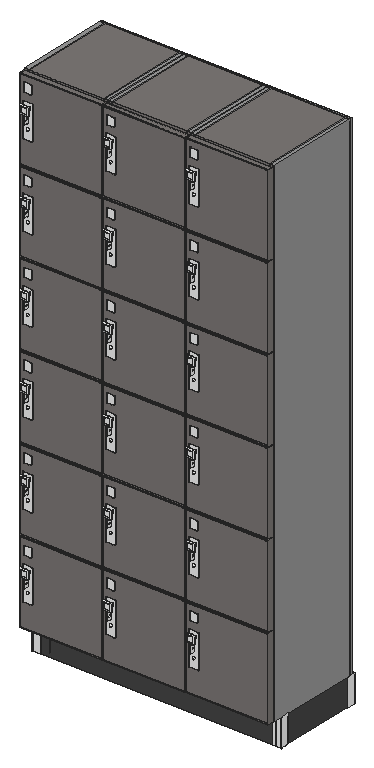
Revit family "Wood_Lockers_Hasps-Salsbury_Industries-46000_Series-3_Wide_Units.rfa", category Specialty Equipment, Revit 2016 (continued)
Definition of nested family "Wood Locker Sloping Corner Fillers"
  Dimensions and locks (in)
    aligned and locked: plane 12 "New Left Side" to cut or joined group of Extrusion 1, Extrusion 3, Extrusion 8
    aligned and locked: cut or joined group of Extrusion 1, Extrusion 3, Extrusion 8 to plane 13 "New Right Side"
    aligned and locked: cut or joined group of Extrusion 1, Extrusion 3, Extrusion 8 to plane 10 "New Back of Hood"  (x2)
    aligned and locked: plane 4 "Front of Hood" to cut or joined group of Extrusion 2, Extrusion 3
    aligned and locked: Extrusion 3 to cut or joined group of Extrusion 2, Extrusion 3
    aligned and locked: plane 13 "New Right Side" to cut or joined group of Extrusion 1, Extrusion 3, Extrusion 8
    aligned and locked: plane 5 "Right Side of Hood" to Extrusion 4
    aligned and locked: Extrusion 8 to Extrusion 1  (x2)
    aligned and locked: Extrusion 1 to Extrusion 8
    aligned and locked: cut or joined group of Extrusion 1, Extrusion 3, Extrusion 8 to Extrusion 6
    aligned and locked: plane 11 "New Front of Hood" to Extrusion 6
    aligned and locked: plane 12 "New Left Side" to Extrusion 6
    aligned and locked: plane 11 "New Front of Hood" to Extrusion 5
    aligned and locked: plane 12 "New Left Side" to Extrusion 5
    aligned and locked: cut or joined group of Extrusion 1, Extrusion 3, Extrusion 8 to Extrusion 5
  Automatic sketch dimensions
    Extrusion 1 sketch curve to level = 0.000"
    Extrusion 1 sketch curve to plane 7 "Black Trim Line" = 0.000"
    plane 8 to Extrusion 1 sketch curve = 0.000"
    Extrusion 1 sketch curve to plane 10 "New Back of Hood" = 0.000"
    Extrusion 1 sketch curve to Extrusion 1 sketch curve = 0.04881"
    Extrusion 1 sketch curve to Extrusion 1 sketch curve = 1.75996"
    plane 14 "Top" to Extrusion 1 sketch curve = 0.74863"
    plane 14 "Top" to Extrusion 1 sketch curve = 0.031"
    Extrusion 2 sketch curve to plane 4 "Front of Hood" = 0.000"
    plane 8 to Extrusion 2 sketch curve = 0.000"
    Extrusion 2 sketch curve to plane 10 "New Back of Hood" = 0.000"
    plane 14 "Top" to Extrusion 2 sketch curve = 0.000"
    Extrusion 2 sketch curve to plane 7 "Black Trim Line" = 0.04881"
    plane 14 "Top" to Extrusion 2 sketch curve = 0.031"
    plane 10 "New Back of Hood" to Extrusion 3 sketch curve = 0.000"
    plane 4 "Front of Hood" to Extrusion 3 sketch curve = 0.000"
    Extrusion 3 sketch curve to plane 12 "New Left Side" = 0.000"
    Extrusion 3 sketch curve to plane 5 "Right Side of Hood" = 0.000"
    Extrusion 4 sketch curve to level = 0.000"
    Extrusion 4 sketch curve to plane 7 "Black Trim Line" = 0.000"
    Extrusion 4 sketch curve to plane 4 "Front of Hood" = 0.000"
    plane 8 to Extrusion 4 sketch curve = 0.000"
    Extrusion 5 sketch curve to level = 0.000"
    Extrusion 5 sketch curve to plane 8 = 0.000"
    plane 14 "Top" to Extrusion 5 sketch curve = 0.031"
    Extrusion 5 sketch curve to plane 12 "New Left Side" = 0.000"
    plane 5 "Right Side of Hood" to Extrusion 5 sketch curve = 1.83977"
    plane 5 "Right Side of Hood" to Extrusion 5 sketch curve = 0.07981"
    Extrusion 5 sketch curve to Extrusion 5 sketch curve = 0.04881"
    Extrusion 5 sketch curve to Extrusion 5 sketch curve = 0.71763"
    plane 14 "Top" to Extrusion 6 sketch curve = 0.000"
    Extrusion 6 sketch curve to plane 8 = 0.000"
    Extrusion 6 sketch curve to plane 12 "New Left Side" = 0.000"
    plane 5 "Right Side of Hood" to Extrusion 6 sketch curve = 0.07981"
    Extrusion 6 sketch curve to Extrusion 6 sketch curve = 0.07981"
    plane 14 "Top" to Extrusion 6 sketch curve = 0.031"
    Extrusion 7 sketch curve to level = 0.000"
    plane 15 to Extrusion 7 sketch curve = 0.000"
    plane 5 "Right Side of Hood" to Extrusion 7 sketch curve = 0.000"
    Extrusion 7 sketch curve to plane 8 = 0.000"
    Extrusion 8 sketch curve to plane 10 "New Back of Hood" = 0.000"
    Extrusion 8 sketch curve to level = 0.000"
    Extrusion 8 sketch curve to plane 7 "Black Trim Line" = 1.80877"
    plane 14 "Top" to Extrusion 8 sketch curve = 0.74863"
Definition of nested family "Wood Locker Flat Corner Fillers"
  Parameters (values of type "44437 - for 15" D Lockers")
    Width = 16.875"
    Visible = yes
    Version = "1.0 (12/15/23)"
    Type Comments = "Flat Top Corner Filler for Premier Wood Lockers"
    Model = "44437"
    Manufacturer = "Salsbury Industries"
    Laminate Surface = none
    Height = 0.750"
    Description = "For 15\" D Lockers"
    Depth = 16.875"
  Types (6): name | Width | Visible | Version | Type Comments | Model | Manufacturer | Description | Depth
    (no name) | 16.875" | yes | "1.0 (12/15/23)" | "Flat Top Corner Filler for Premier Wood Lockers" | "44437" | "Salsbury Industries" | "For 15\" D Lockers" | 16.875"
    44437 - for 15" D Lockers | 16.875" | yes | "1.0 (12/15/23)" | "Flat Top Corner Filler for Premier Wood Lockers" | "44437" | "Salsbury Industries" | "For 15\" D Lockers" | 16.875"
    None | 15.000" | no | "" | "" | "" | "" | "" | 13.250"
    44438 - for 18" D Lockers | 19.875" | yes | "1.0 (12/15/23)" | "Flat Top Corner Filler for Premier Wood Lockers" | "44438" | "Salsbury Industries" | "For 18\" D Lockers" | 19.875"
    44431 - for 21" D Lockers | 22.875" | yes | "1.0 (12/15/23)" | "Flat Top Corner Filler for Premier Wood Lockers" | "44431" | "Salsbury Industries" | "For 21\" D Lockers" | 22.875"
    44439 - for 24" D Lockers | 25.875" | yes | "1.0 (12/15/23)" | "Flat Top Corner Filler for Premier Wood Lockers" | "44439" | "Salsbury Industries" | "For 24\" D Lockers" | 25.875"
  Reference planes (in)
    plane 1 "Center (Front/Back)": y = 0
    plane 2: z = 0
    plane 3 "Center (Left/Right)": x = 0
    plane 4 "Right Side": x = 8.4375
    plane 5 "Left Side": x = -8.4375
    plane 6 "Front Side": y = -8.4375
    plane 7 "Back Side": y = 8.4375
    plane 8 "Bottom": z = 0
    plane 9 "Top Side": z = 0.75
    plane 10 "Wood - Laminate Line": z = 0.719
    plane 11: x = -5.4375
    plane 12: y = -5.4375
  Forms (in)
    Extrusion 1, solid, visible <- "Visible"
      sketch origin (0, 0, 0) x (0, -1, 0) y (1, 0, 0)
        loop
          line (-8.4375, -8.4375) -> (5.4375, -8.4375) -> (5.4375, -5.4375) -> (8.4375, -5.4375) -> (8.4375, 8.4375) -> (-8.4375, 8.4375) -> (-8.4375, -8.4375)
      from 0 to 0.719
    Extrusion 2, solid, material <- "Laminate Surface", visible <- "Visible"
      sketch origin (0, 0, 0.75) x (1, 0, 0) y (0, 1, 0)
        loop
          line (-8.4375, -5.4375) -> (-5.4375, -5.4375) -> (-5.4375, -8.4375) -> (8.4375, -8.4375) -> (8.4375, 8.4375) -> (-8.4375, 8.4375) -> (-8.4375, -5.4375)
      from -0.031 to 0
  Dimensions and locks (in)
    equal spacing: plane 6 "Front Side", plane 1 "Center (Front/Back)", plane 7 "Back Side"
    equal spacing: plane 5 "Left Side", plane 3 "Center (Left/Right)", plane 4 "Right Side"
    "Width": plane 5 "Left Side" to plane 4 "Right Side"
    "Depth": plane 6 "Front Side" to plane 7 "Back Side"
    "Height": plane 9 "Top Side" to plane 8 "Bottom"
    locked: plane 9 "Top Side" to plane 10 "Wood - Laminate Line" at 0.031
    locked: plane 6 "Front Side" to plane 12 at 3
    locked: plane 5 "Left Side" to plane 11 at 3
    plane 12 to plane 7 "Back Side" = 13.875"
    aligned and locked: level to plane 2
  Automatic sketch dimensions
    Extrusion 2 sketch curve to plane 5 "Left Side" = 0.000"
    plane 6 "Front Side" to Extrusion 2 sketch curve = 0.000"
    Extrusion 2 sketch curve to plane 11 = 0.000"
    Extrusion 2 sketch curve to plane 4 "Right Side" = 0.000"
    Extrusion 2 sketch curve to plane 12 = 0.000"
    plane 7 "Back Side" to Extrusion 2 sketch curve = 0.000"
    Extrusion 1 sketch curve to plane 5 "Left Side" = 0.000"
    plane 7 "Back Side" to Extrusion 1 sketch curve = 0.000"
    Extrusion 1 sketch curve to plane 12 = 0.000"
    Extrusion 1 sketch curve to plane 4 "Right Side" = 0.000"
    plane 6 "Front Side" to Extrusion 1 sketch curve = 0.000"
    Extrusion 1 sketch curve to plane 11 = 0.000"
Definition of nested family "Wood Locker Side Panels-No Slope"
  Parameters (values of type "44330 - 6' H for 15"D Lockers")
    Width = 14.625"
    Visible = yes
    Version = "1.0 (12/15/23)"
    Type Comments = "Side Panel for Premier Wood Lockers without Sloping Hood"
    Model = "44330"
    Manufacturer = "Salsbury Industries"
    Laminate Surface = none
    Height = 72.000"
    Door Trim = none
    Description = "6' H for 15\" D Lockers"
    Depth = 0.750"
  Types (6): name | Width | Visible | Version | Type Comments | Model | Manufacturer | Description
    (no name) | 14.625" | yes | "1.0 (12/15/23)" | "Side Panel for Premier Wood Lockers without Sloping Hood" | "44330" | "Salsbury Industries" | "6' H for 15\" D Lockers"
    44330 - 6' H for 15"D Lockers | 14.625" | yes | "1.0 (12/15/23)" | "Side Panel for Premier Wood Lockers without Sloping Hood" | "44330" | "Salsbury Industries" | "6' H for 15\" D Lockers"
    44333 - 6' H for 18" D Lockers | 17.625" | yes | "1.0 (12/15/23)" | "Side Panel for Premier Wood Lockers withouth Sloping Hood" | "44333" | "Salsbury Industries" | "6' H for 18\" D Lockers"
    44335 - 6' H for 21" D Lockers | 20.625" | yes | "1.0 (12/15/23)" | "Side Panel for Premier Wood Lockers without Sloping Hood" | "44335" | "Salsbury Industries" | "6' H for 21\" D Lockers"
    None | 14.000" | no | "" | "" | "" | "" | ""
    44237 - 6' H for 24" D Lockers | 23.625" | yes | "1.0 (12/15/23)" | "Side Panel for Premier Wood Lockers without Sloping Hood" | "44237" | "Salsbury Industries" | "6' H for 21\" D Lockers"
  Reference planes (in)
    plane 1 "Center (Front/Back)": y = 0
    plane 2: z = 0
    plane 3 "Center (Left/Right)": x = 0
    plane 4 "Back": y = 0.375
    plane 5 "Front": y = -0.375
    plane 6 "Left Side": x = -7.3125
    plane 7 "Right Side": x = 7.3125
    plane 8 "Bottom": z = 0
    plane 9 "Top": z = 72
    plane 10 "Center Elevation": z = 36
    plane 11 "Wood - Laminate Edge": y = -0.344
    plane 12 "Right Side of Wood": x = 7.2815
    plane 13 "Left Side of Wood": x = -7.2815
    plane 14 "Top of Wood": z = 71.969
    plane 15 "Bottom of Wood": z = 0.031
  Forms (in)
    Extrusion 1, solid, visible <- "Visible"
      sketch origin (0, 0.375, 0) x (1, 0, 0) y (0, 0, 1)
        loop
          line (7.2815, 71.969) -> (-7.2815, 71.969) -> (-7.2815, 0.031) -> (7.2815, 0.031) -> (7.2815, 71.969)
      from 0 to 0.719
    Extrusion 2, solid, material <- "Laminate Surface", visible <- "Visible"
      sketch origin (0, -0.375, 0) x (1, 0, 0) y (0, 0, 1)
        loop
          line (-7.3125, 72) -> (-7.3125, 0) -> (7.3125, 0) -> (7.3125, 72) -> (-7.3125, 72)
      from -0.031 to 0
    Extrusion 3, solid, material <- "Laminate Surface", visible <- "Visible"
      sketch origin (0, 0, 0) x (1, 0, 0) y (0, 0, 1)
        loop
          line (-7.3125, 0) -> (7.3125, 0) -> (7.3125, 72) -> (-7.3125, 72) -> (-7.3125, 0)
        loop
          line (-7.2815, 0.031) -> (7.2815, 0.031) -> (7.2815, 71.969) -> (-7.2815, 71.969) -> (-7.2815, 0.031)
      from -0.375 to 0.344
  Dimensions and locks (in)
    equal spacing: plane 6 "Left Side", plane 3 "Center (Left/Right)", plane 7 "Right Side"
    plane 5 "Front" to plane 1 "Center (Front/Back)" to plane 4 "Back" = 0.375", 0.375"
    "Width": plane 6 "Left Side" to plane 7 "Right Side"
    "Depth": plane 5 "Front" to plane 4 "Back"
    equal spacing: plane 9 "Top", plane 10 "Center Elevation", plane 8 "Bottom"
    "Height": plane 9 "Top" to plane 8 "Bottom"
    locked: plane 5 "Front" to plane 11 "Wood - Laminate Edge" at 0.031
    locked: plane 15 "Bottom of Wood" to plane 8 "Bottom" at 0.031
    locked: plane 12 "Right Side of Wood" to plane 7 "Right Side" at 0.031
    locked: plane 6 "Left Side" to plane 13 "Left Side of Wood" at 0.031
    locked: plane 9 "Top" to plane 14 "Top of Wood" at 0.031
    aligned and locked: level to plane 2
    aligned and locked: Extrusion 2 sketch curve to plane 7 "Right Side"
    aligned and locked: plane 8 "Bottom" to Extrusion 2 sketch curve
    aligned and locked: plane 6 "Left Side" to Extrusion 2 sketch curve
    aligned and locked: plane 9 "Top" to Extrusion 2 sketch curve
    aligned and locked: Extrusion 3 to plane 4 "Back"
    aligned and locked: plane 11 "Wood - Laminate Edge" to Extrusion 3
  Automatic sketch dimensions
    plane 13 "Left Side of Wood" to Extrusion 1 sketch curve = 0.000"
    plane 12 "Right Side of Wood" to Extrusion 1 sketch curve = 0.000"
    Extrusion 1 sketch curve to plane 15 "Bottom of Wood" = 0.000"
    Extrusion 1 sketch curve to plane 14 "Top of Wood" = 0.000"
    plane 13 "Left Side of Wood" to Extrusion 3 sketch curve = 0.000"
    Extrusion 3 sketch curve to level = 0.000"
    plane 13 "Left Side of Wood" to Extrusion 3 sketch curve = 0.031"
    plane 12 "Right Side of Wood" to Extrusion 3 sketch curve = 0.000"
    plane 7 "Right Side" to Extrusion 3 sketch curve = 0.000"
    Extrusion 3 sketch curve to plane 15 "Bottom of Wood" = 0.000"
    Extrusion 3 sketch curve to plane 14 "Top of Wood" = 0.000"
    Extrusion 3 sketch curve to plane 9 "Top" = 0.000"
Definition of nested family "Wood Locker Side Panels-With Slope"
  Parameters (values of type "44334 - 6' H  for 18" D Lockers")
    Width = 17.625"
    Visible = yes
    Version = "1.0 (12/15/23)"
    Type Comments = "Side Panel for Premier Wood Lockers with Sloping Hood"
    Slope Height = 6.806"
    Model = "44334"
    Manufacturer = "Salsbury Industries"
    Laminate Surface = none
    Height = 72.062"
    Door Trim = none
    Description = "6' H for 18\" D Lockers"
    Depth = 0.750"
  Types (6): name | Width | Visible | Version | Type Comments | Slope Height | Model | Manufacturer | Height | Description
    (no name) | 17.625" | yes | "1.0 (12/15/23)" | "Side Panel for Premier Wood Lockers with Sloping Hood" | 6.806" | "44334" | "Salsbury Industries" | 72.062" | "6' H for 18\" D Lockers"
    44334 - 6' H  for 18" D Lockers | 17.625" | yes | "1.0 (12/15/23)" | "Side Panel for Premier Wood Lockers with Sloping Hood" | 6.806" | "44334" | "Salsbury Industries" | 72.062" | "6' H for 18\" D Lockers"
    44336 - 6' H for 21" D Lockers | 20.625" | yes | "1.0 (12/15/23)" | "Side Panel for Premier Wood Lockers with Sloping Hood" | 7.931" | "44336" | "Salsbury Industries" | 72.062" | "6' H for 21\" D Lockers"
    None | 14.625" | no | "" | "" | 5.681" | "" | "" | 72.062" | ""
    44339 - 6' H for 15" D Lockers | 14.625" | yes | "1.0 (12/15/23)" | "Side Panel for Premier Wood Lockers with Sloping Hood" | 5.681" | "44339" | "Salsbury Industries" | 72.062" | "6' H for 15\" D Lockers"
    44238- 6' H for 24" D Lockers | 23.625" | yes | "1.0 (12/15/23)" | "Side Panel for Premier Wood Lockers with Sloping Hood" | 8.608" | "44238" | "Salsbury Industries" | 72.153" | "6' H for 24\" D Lockers"
  Reference planes (in)
    plane 1 "Center (Front/Back)": y = 0
    plane 2: z = 0
    plane 3 "Center (Left/Right)": x = 0
    plane 4 "Back": y = 0.375
    plane 5 "Front": y = -0.375
    plane 6 "Left Side": x = -8.8125
    plane 7 "Right Side": x = 8.8125
    plane 8 "Bottom": z = 0
    plane 9 "Top": z = 72.062
    plane 10 "Center Elevation": z = 36.031
    plane 11 "Wood - Laminate Edge": y = -0.344
    plane 12 "Right Side of Wood": x = 8.7815
    plane 13 "Left Side of Wood": x = -8.7815
    plane 14 "Top of Wood": z = 71.937
    plane 15 "Bottom of Wood": z = 0.031
    plane 16: z = 78.868
    plane 17: z = 78.743
  Forms (in)
    Extrusion 1, solid, visible <- "Visible"
      sketch origin (0, 0.375, 0) x (1, 0, 0) y (0, 0, 1)
        loop
          line (-8.8125, 78.837) -> (-8.8125, 0) -> (8.7815, 0) -> (8.7815, 72.04287) -> (-8.8125, 78.837)
      from 0 to 0.719
    Extrusion 2, solid, material <- "Laminate Surface", visible <- "Visible"
      sketch origin (0, -0.375, 0) x (1, 0, 0) y (0, 0, 1)
        loop
          line (-8.8125, 0) -> (8.8125, 0) -> (8.8125, 72.062) -> (-8.8125, 78.868) -> (-8.8125, 0)
      from -0.031 to 0
    Extrusion 3, solid, material <- "Laminate Surface", visible <- "Visible"
      sketch origin (0, -0.375, 0) x (1, 0, 0) y (0, 0, 1)
        loop
          line (8.8125, 0) -> (8.8125, 72.062) -> (-8.8125, 78.868) -> (-8.8125, 78.837) -> (8.7815, 72.04287) -> (8.7815, 0) -> (8.8125, 0)
      from -0.031 to -0.75
  Dimensions and locks (in)
    equal spacing: plane 6 "Left Side", plane 3 "Center (Left/Right)", plane 7 "Right Side"
    plane 5 "Front" to plane 1 "Center (Front/Back)" to plane 4 "Back" = 0.375", 0.375"
    "Width": plane 6 "Left Side" to plane 7 "Right Side"
    "Depth": plane 5 "Front" to plane 4 "Back"
    equal spacing: plane 9 "Top", plane 10 "Center Elevation", plane 8 "Bottom"
    "Height": plane 9 "Top" to plane 8 "Bottom"
    locked: plane 5 "Front" to plane 11 "Wood - Laminate Edge" at 0.031
    locked: plane 15 "Bottom of Wood" to plane 8 "Bottom" at 0.031
    locked: plane 12 "Right Side of Wood" to plane 7 "Right Side" at 0.031
    locked: plane 6 "Left Side" to plane 13 "Left Side of Wood" at 0.031
    locked: plane 9 "Top" to plane 14 "Top of Wood" at 0.125
    "Slope Height": plane 16 to plane 9 "Top"
    locked: plane 16 to plane 17 at 0.125
    aligned and locked: level to plane 2
    aligned and locked: Extrusion 3 to plane 4 "Back"
    aligned and locked: plane 11 "Wood - Laminate Edge" to Extrusion 3
  Automatic sketch dimensions
    plane 6 "Left Side" to Extrusion 2 sketch curve = 0.000"
    plane 7 "Right Side" to Extrusion 2 sketch curve = 0.000"
    Extrusion 2 sketch curve to level = 0.000"
    Extrusion 2 sketch curve to plane 9 "Top" = 0.000"
    Extrusion 2 sketch curve to plane 16 = 0.000"
    Extrusion 1 sketch curve to level = 0.000"
    plane 6 "Left Side" to Extrusion 1 sketch curve = 0.000"
    plane 12 "Right Side of Wood" to Extrusion 1 sketch curve = 0.000"
    plane 9 "Top" to Extrusion 1 sketch curve = 0.01913"
    plane 6 "Left Side" to Extrusion 3 sketch curve = 0.000"
    plane 12 "Right Side of Wood" to Extrusion 3 sketch curve = 0.000"
    plane 7 "Right Side" to Extrusion 3 sketch curve = 0.000"
    Extrusion 3 sketch curve to level = 0.000"
    Extrusion 3 sketch curve to plane 9 "Top" = 0.000"
    Extrusion 3 sketch curve to plane 16 = 0.000"
    plane 9 "Top" to Extrusion 3 sketch curve = 0.01913"
    plane 16 to Extrusion 3 sketch curve = 0.031"
    plane 16 to Extrusion 1 sketch curve = 0.031"
Definition of nested family "Wood Locker Double Side Panels-No Slope"
  Parameters (values of type "44330DE - 6' H for 15"D Lockers")
    Width = 29.250"
    Visible = yes
    Version = "1.0 (12/15/23)"
    Type Comments = "Double End Panel for Premier Wood Lockers"
    Model = "44330DE"
    Manufacturer = "Salsbury Industries"
    Laminate Surface = none
    Height = 72.000"
    Door Trim = none
    Description = "For 6' H x 15\" D without Sloping Hood"
    Depth = 0.750"
  Types (6): name | Width | Visible | Version | Type Comments | Model | Manufacturer | Description
    (no name) | 29.250" | yes | "1.0 (12/15/23)" | "Double End Panel for Premier Wood Lockers" | "44330DE" | "Salsbury Industries" | "For 6' H x 15\" D without Sloping Hood"
    44330DE - 6' H for 15"D Lockers | 29.250" | yes | "1.0 (12/15/23)" | "Double End Panel for Premier Wood Lockers" | "44330DE" | "Salsbury Industries" | "For 6' H x 15\" D without Sloping Hood"
    44333DE - 6' H for 18" D Lockers | 35.250" | yes | "1.0 (12/15/23)" | "Double End Panel for Premier Wood Lockers" | "44333DE" | "Salsbury Industries" | "For 6' H x 18\" D without Sloping Hood"
    44335DE - 6' H for 21" D Lockers | 41.250" | yes | "1.0 (12/15/23)" | "Double End Panel for Premier Wood Lockers" | "44335DE" | "Salsbury Industries" | "For 6' H x 21\" D without Sloping Hood"
    None | 14.000" | no | "" | "" | "" | "" | ""
    44237DE - 6' H for 24" D Lockers | 47.250" | yes | "1.0 (12/15/23)" | "Double End Panel for Premier Wood Lockers" | "44237DE" | "Salsbury Industries" | "For 6' H x 21\" D without Sloping Hood"
  Reference planes (in)
    plane 1 "Center (Front/Back)": y = 0
    plane 2: z = 0
    plane 3 "Center (Left/Right)": x = 0
    plane 4 "Back": y = 0.375
    plane 5 "Front": y = -0.375
    plane 6 "Left Side": x = -14.625
    plane 7 "Right Side": x = 14.625
    plane 8 "Bottom": z = 0
    plane 9 "Top": z = 72
    plane 10 "Center Elevation": z = 36
    plane 11 "Wood - Laminate Edge": y = -0.344
    plane 12 "Right Side of Wood": x = 14.594
    plane 13 "Left Side of Wood": x = -14.594
    plane 14 "Top of Wood": z = 71.969
    plane 15 "Bottom of Wood": z = 0.031
  Forms (in)
    Extrusion 1, solid, visible <- "Visible"
      sketch origin (0, 0.375, 0) x (1, 0, 0) y (0, 0, 1)
        loop
          line (14.594, 71.969) -> (-14.594, 71.969) -> (-14.594, 0.031) -> (14.594, 0.031) -> (14.594, 71.969)
      from 0 to 0.719
    Extrusion 2, solid, material <- "Laminate Surface", visible <- "Visible"
      sketch origin (0, -0.375, 0) x (1, 0, 0) y (0, 0, 1)
        loop
          line (-14.625, 72) -> (-14.625, 0) -> (14.625, 0) -> (14.625, 72) -> (-14.625, 72)
      from -0.031 to 0
    Extrusion 3, solid, material <- "Laminate Surface", visible <- "Visible"
      sketch origin (0, 0, 0) x (1, 0, 0) y (0, 0, 1)
        loop
          line (-14.625, 0) -> (14.625, 0) -> (14.625, 72) -> (-14.625, 72) -> (-14.625, 0)
        loop
          line (14.594, 71.969) -> (-14.594, 71.969) -> (-14.594, 0.031) -> (14.594, 0.031) -> (14.594, 71.969)
      from -0.375 to 0.344
  Dimensions and locks (in)
    equal spacing: plane 6 "Left Side", plane 3 "Center (Left/Right)", plane 7 "Right Side"
    plane 5 "Front" to plane 1 "Center (Front/Back)" to plane 4 "Back" = 0.375", 0.375"
    "Width": plane 6 "Left Side" to plane 7 "Right Side"
    "Depth": plane 5 "Front" to plane 4 "Back"
    equal spacing: plane 9 "Top", plane 10 "Center Elevation", plane 8 "Bottom"
    "Height": plane 9 "Top" to plane 8 "Bottom"
    locked: plane 5 "Front" to plane 11 "Wood - Laminate Edge" at 0.031
    locked: plane 15 "Bottom of Wood" to plane 8 "Bottom" at 0.031
    plane 12 "Right Side of Wood" to plane 7 "Right Side" = 0.031"
    locked: plane 6 "Left Side" to plane 13 "Left Side of Wood" at 0.031
    locked: plane 9 "Top" to plane 14 "Top of Wood" at 0.031
    aligned and locked: level to plane 2
    aligned and locked: plane 8 "Bottom" to Extrusion 2 sketch curve
    aligned and locked: plane 6 "Left Side" to Extrusion 2 sketch curve
    aligned and locked: Extrusion 2 sketch curve to plane 7 "Right Side"
    aligned and locked: plane 9 "Top" to Extrusion 2 sketch curve
    aligned and locked: Extrusion 3 to plane 4 "Back"
    aligned and locked: plane 11 "Wood - Laminate Edge" to Extrusion 3
  Automatic sketch dimensions
    plane 13 "Left Side of Wood" to Extrusion 1 sketch curve = 0.000"
    plane 12 "Right Side of Wood" to Extrusion 1 sketch curve = 0.000"
    Extrusion 1 sketch curve to plane 15 "Bottom of Wood" = 0.000"
    Extrusion 1 sketch curve to plane 14 "Top of Wood" = 0.000"
    Extrusion 3 sketch curve to level = 0.000"
    plane 6 "Left Side" to Extrusion 3 sketch curve = 0.000"
    plane 7 "Right Side" to Extrusion 3 sketch curve = 0.000"
    Extrusion 3 sketch curve to plane 9 "Top" = 0.000"
    plane 13 "Left Side of Wood" to Extrusion 3 sketch curve = 0.000"
    Extrusion 3 sketch curve to plane 15 "Bottom of Wood" = 0.000"
    Extrusion 3 sketch curve to plane 14 "Top of Wood" = 0.000"
    plane 12 "Right Side of Wood" to Extrusion 3 sketch curve = 0.000"
Definition of nested family "Wood Locker Double Side Panels-With Slope"
  Parameters (values of type "44339DE - 6' H for 15"D Lockers")
    Width = 29.250"
    Visible = yes
    Version = "1.0 (12/15/23)"
    Type Comments = "Double End Panel for Premier Wood Lockers"
    Slope Height = 5.681"
    Model = "44339DE"
    Manufacturer = "Salsbury Industries"
    Laminate Surface = none
    Height = 72.062"
    Door Trim = none
    Description = "For 6' H x 15\" D Lockers with Sloping Hood"
    Depth = 0.750"
  Types (6): name | Width | Visible | Version | Type Comments | Slope Height | Model | Manufacturer | Height | Description
    (no name) | 29.250" | yes | "1.0 (12/15/23)" | "Double End Panel for Premier Wood Lockers" | 5.681" | "44339DE" | "Salsbury Industries" | 72.062" | "For 6' H x 15\" D Lockers with Sloping Hood"
    44339DE - 6' H for 15"D Lockers | 29.250" | yes | "1.0 (12/15/23)" | "Double End Panel for Premier Wood Lockers" | 5.681" | "44339DE" | "Salsbury Industries" | 72.062" | "For 6' H x 15\" D Lockers with Sloping Hood"
    44334DE - 6' H  for 18" D Lockers | 35.250" | yes | "1.0 (12/15/23)" | "Double End Panel for Premier Wood Lockers" | 6.806" | "44334DE" | "Salsbury Industries" | 72.062" | "For 6' H x 18\" D Lockers with Sloping Hood"
    44336DE - 6' H for 21" D Lockers | 41.250" | yes | "1.0 (12/15/23)" | "Double End Panel for Premier Wood Lockers" | 7.931" | "44336DE" | "Salsbury Industries" | 72.062" | "For 6' H x 21\" D Lockers with Sloping Hood"
    None | 14.000" | no | "" | "" | 5.500" | "" | "" | 72.000" | ""
    44238DE - 6' H for 24" D Lockers | 47.250" | yes | "1.0 (12/15/23)" | "Double End Panel for Premier Wood Lockers" | 8.895" | "442386DE" | "Salsbury Industries" | 72.153" | "For 6' H x 21\" D Lockers with Sloping Hood"
  Reference planes (in)
    plane 1 "Center (Front/Back)": y = 0
    plane 2: z = 0
    plane 3 "Center (Left/Right)": x = 0
    plane 4 "Back": y = 0.375
    plane 5 "Front": y = -0.375
    plane 6 "Left Side": x = -14.625
    plane 7 "Right Side": x = 14.625
    plane 8 "Bottom": z = 0
    plane 9 "Top": z = 72.062
    plane 10 "Center Elevation": z = 36.031
    plane 11 "Wood - Laminate Edge": y = -0.344
    plane 12 "Right Side of Wood": x = 14.594
    plane 13 "Left Side of Wood": x = -14.594
    plane 14 "Top of Wood": z = 71.937
    plane 15 "Bottom of Wood": z = 0.125
    plane 16: z = 77.743
    plane 17: z = 77.712
  Forms (in)
    Extrusion 1, solid, visible <- "Visible"
      sketch origin (0, 0.375, 0) x (1, 0, 0) y (0, 0, 1)
        loop
          line (14.594, 72.031) -> (0, 77.712) -> (-14.594, 72.031) -> (-14.594, 0) -> (14.594, 0) -> (14.594, 72.031)
      from 0 to 0.719
    Extrusion 2, solid, material <- "Laminate Surface", visible <- "Visible"
      sketch origin (0, -0.375, 0) x (1, 0, 0) y (0, 0, 1)
        loop
          line (14.625, 0) -> (14.625, 72.062) -> (0, 77.743) -> (-14.625, 72.062) -> (-14.625, 0) -> (14.625, 0)
      from -0.031 to 0
    Extrusion 3, solid, material <- "Laminate Surface", visible <- "Visible"
      sketch origin (0, 0.375, 0) x (1, 0, 0) y (0, 0, 1)
        loop
          line (14.625, 0) -> (14.625, 72.062) -> (0, 77.743) -> (-14.625, 72.062) -> (-14.625, 0) -> (-14.594, 0) -> (-14.594, 72.031) -> (0, 77.712) -> (14.594, 72.031) -> (14.594, 0) -> (14.625, 0)
      from 0 to 0.719
  Dimensions and locks (in)
    equal spacing: plane 6 "Left Side", plane 3 "Center (Left/Right)", plane 7 "Right Side"
    plane 5 "Front" to plane 1 "Center (Front/Back)" to plane 4 "Back" = 0.375", 0.375"
    "Width": plane 6 "Left Side" to plane 7 "Right Side"
    "Depth": plane 5 "Front" to plane 4 "Back"
    equal spacing: plane 9 "Top", plane 10 "Center Elevation", plane 8 "Bottom"
    "Height": plane 9 "Top" to plane 8 "Bottom"
    locked: plane 5 "Front" to plane 11 "Wood - Laminate Edge" at 0.031
    locked: plane 15 "Bottom of Wood" to plane 8 "Bottom" at 0.125
    locked: plane 12 "Right Side of Wood" to plane 7 "Right Side" at 0.031
    locked: plane 6 "Left Side" to plane 13 "Left Side of Wood" at 0.031
    locked: plane 9 "Top" to plane 14 "Top of Wood" at 0.125
    "Slope Height": plane 16 to plane 9 "Top"
    locked: plane 16 to plane 17 at 0.031
    aligned and locked: level to plane 2
    aligned and locked: Extrusion 3 to plane 4 "Back"
    aligned and locked: plane 11 "Wood - Laminate Edge" to Extrusion 3
  Automatic sketch dimensions
    plane 6 "Left Side" to Extrusion 2 sketch curve = 0.000"
    Extrusion 2 sketch curve to plane 3 "Center (Left/Right)" = 0.000"
    plane 7 "Right Side" to Extrusion 2 sketch curve = 0.000"
    Extrusion 2 sketch curve to level = 0.000"
    Extrusion 2 sketch curve to plane 9 "Top" = 0.000"  (x2)
    Extrusion 2 sketch curve to plane 16 = 0.000"
    Extrusion 1 sketch curve to level = 0.000"
    plane 13 "Left Side of Wood" to Extrusion 1 sketch curve = 0.000"
    Extrusion 1 sketch curve to plane 3 "Center (Left/Right)" = 0.000"
    plane 12 "Right Side of Wood" to Extrusion 1 sketch curve = 0.000"
    Extrusion 1 sketch curve to plane 17 = 0.000"
    plane 9 "Top" to Extrusion 1 sketch curve = 0.031"  (x2)
    Extrusion 3 sketch curve to level = 0.000"  (x2)
    plane 6 "Left Side" to Extrusion 3 sketch curve = 0.000"
    plane 13 "Left Side of Wood" to Extrusion 3 sketch curve = 0.000"
    Extrusion 3 sketch curve to plane 3 "Center (Left/Right)" = 0.000"  (x2)
    plane 12 "Right Side of Wood" to Extrusion 3 sketch curve = 0.000"
    plane 7 "Right Side" to Extrusion 3 sketch curve = 0.000"
    Extrusion 3 sketch curve to plane 9 "Top" = 0.000"  (x2)
    plane 9 "Top" to Extrusion 3 sketch curve = 0.031"  (x2)
    Extrusion 3 sketch curve to plane 17 = 0.000"
    Extrusion 3 sketch curve to plane 16 = 0.000"
Definition of nested family "Wood Locker Front Fillers"
  Parameters (values of type "44469 - 9" W for 6' H Lockers without Base")
    Width = 9.000"
    Visible Base = no
    Visible = yes
    Version = "1.0 (1/31/24)"
    Type Comments = "Front Vertical Filler for Premier Wood Lockers"
    Model = "44469"
    Manufacturer = "Salsbury Industries"
    Laminate Surface = none
    Height = 72.000"
    Description = "For 6' H Lockers"
    Depth = 0.750"
    Base Height = 0.000"
  Types (6): name | Width | Visible Base | Visible | Version | Type Comments | Model | Manufacturer | Description | Base Height
    (no name) | 9.000" | no | yes | "1.0 (1/31/24)" | "Front Vertical Filler for Premier Wood Lockers" | "44469" | "Salsbury Industries" | "For 6' H Lockers" | 0.000"
    44467 - 15"W for 6' H Lockers with Base | 15.000" | yes | yes | "1.0 (01/31/24)" | "Front Vertical Filler for Premier Wood Lockers" | "444367" | "Salsbury Industries" | "For 6' H Lockers" | 4.000"
    None | 15.000" | no | no | "" | "" | "" | "" | "" | 4.000"
    44469 - 9" W for 6' H Lockers with Base | 9.000" | yes | yes | "1.0 (01/31/24)" | "Front Vertical Filler for Premier Wood Lockers" | "44469" | "Salsbury Industries" | "For 6' H Lockers" | 4.000"
    44467 - 15" W for 6'H Lockers without Base | 15.000" | no | yes | "1.0 (01/31/24)" | "Front Vertical Filler for Premier Wood Lockers" | "44467" | "Salsbury Industries" | "For 6' H Lockers" | 0.000"
    44469 - 9" W for 6' H Lockers without Base | 9.000" | no | yes | "1.0 (1/31/24)" | "Front Vertical Filler for Premier Wood Lockers" | "44469" | "Salsbury Industries" | "For 6' H Lockers" | 0.000"
  Reference planes (in)
    plane 1 "Center (Front/Back)": y = 0
    plane 2: z = 0
    plane 3 "Center (Left/Right)": x = 0
    plane 4 "Back": y = 0.375
    plane 5 "Front": y = -0.375
    plane 6 "Left Side": x = -4.5
    plane 7 "Right Side": x = 4.5
    plane 8 "Bottom": z = 0
    plane 9 "Top": z = 72
    plane 10 "Center Elevation": z = 36
    plane 11 "Wood - Laminate Edge": y = -0.344
    plane 12 "Right Side of Wood": x = 4.375
    plane 13 "Left Side of Wood": x = -4.375
    plane 14 "Top of Wood": z = 71.875
    plane 15 "Bottom of Wood": z = 0.125
    plane 16 "Front of Base Filler": y = 1
  Forms (in)
    Extrusion 1, solid, visible <- "Visible"
      sketch origin (0, 0.375, 0) x (1, 0, 0) y (0, 0, 1)
        loop
          line (4.5, 72) -> (-4.5, 72) -> (-4.5, 0) -> (4.5, 0) -> (4.5, 72)
      from 0 to 0.719
    Extrusion 2, solid, material <- "Laminate Surface", visible <- "Visible"
      sketch origin (0, -0.375, 0) x (1, 0, 0) y (0, 0, 1)
        loop
          line (-4.5, 72) -> (-4.5, 0) -> (4.5, 0) -> (4.5, 72) -> (-4.5, 72)
      from -0.031 to 0
    Extrusion 3, solid, visible <- "Visible Base"
      sketch origin (0, 0, 0) x (1, 0, 0) y (0, 1, 0)
        loop
          line (-4.5, 1.75) -> (-4.5, 0.375) -> (4.5, 0.375) -> (4.5, 1.75) -> (-4.5, 1.75)
      from 0 to 0.75
    Extrusion 4, solid, visible <- "Visible Base"
      sketch origin (0, 0, 0) x (1, 0, 0) y (0, 1, 0)
        loop
          line (-4.5, 1.75) -> (-4.5, 1) -> (4.5, 1) -> (4.5, 1.75) -> (-4.5, 1.75)
      from 0 to -4
  Dimensions and locks (in)
    equal spacing: plane 6 "Left Side", plane 3 "Center (Left/Right)", plane 7 "Right Side"
    plane 5 "Front" to plane 1 "Center (Front/Back)" to plane 4 "Back" = 0.375", 0.375"
    "Width": plane 6 "Left Side" to plane 7 "Right Side"
    "Depth": plane 5 "Front" to plane 4 "Back"
    equal spacing: plane 9 "Top", plane 10 "Center Elevation", plane 8 "Bottom"
    locked: plane 5 "Front" to plane 11 "Wood - Laminate Edge" at 0.031
    locked: plane 15 "Bottom of Wood" to plane 8 "Bottom" at 0.125
    locked: plane 12 "Right Side of Wood" to plane 7 "Right Side" at 0.125
    locked: plane 6 "Left Side" to plane 13 "Left Side of Wood" at 0.125
    locked: plane 9 "Top" to plane 14 "Top of Wood" at 0.125
    locked: plane 5 "Front" to plane 16 "Front of Base Filler" at 1.375
    "Base Height": plane 8 "Bottom" to plane 2
    "Height": plane 9 "Top" to plane 8 "Bottom"
    aligned and locked: level to plane 2
    aligned and locked: plane 8 "Bottom" to Extrusion 1
  Automatic sketch dimensions
    plane 6 "Left Side" to Extrusion 1 sketch curve = 0.000"
    plane 7 "Right Side" to Extrusion 1 sketch curve = 0.000"
    level to Extrusion 1 sketch curve = 0.000"
    Extrusion 1 sketch curve to plane 9 "Top" = 0.000"
    plane 6 "Left Side" to Extrusion 2 sketch curve = 0.000"
    plane 7 "Right Side" to Extrusion 2 sketch curve = 0.000"
    plane 15 "Bottom of Wood" to Extrusion 2 sketch curve = 0.125"
    Extrusion 2 sketch curve to plane 9 "Top" = 0.000"
    plane 4 "Back" to Extrusion 3 sketch curve = 0.000"
    Extrusion 3 sketch curve to plane 6 "Left Side" = 0.000"
    Extrusion 3 sketch curve to plane 7 "Right Side" = 0.000"
    Extrusion 3 sketch curve to plane 16 "Front of Base Filler" = 0.750"
    Extrusion 4 sketch curve to plane 6 "Left Side" = 0.000"
    Extrusion 4 sketch curve to plane 7 "Right Side" = 0.000"
    plane 16 "Front of Base Filler" to Extrusion 4 sketch curve = 0.000"
    Extrusion 4 sketch curve to plane 16 "Front of Base Filler" = 0.750"
Definition of nested family "Wood Locker Front Corner Filler"
  Parameters (values of type "44464 - for 6' H Lockers with Base")
    Width = 2.250"
    Visible Base = yes
    Visible = yes
    Version = "1.0 (12/15/23)"
    Type Comments = "Front Vertical Corner Filler for Designer Wood Lockers"
    Primary Structure Materials = none
    Model = "44464"
    Manufacturer = "Salsbury Industries"
    Laminate Surface = none
    Height = 72.000"
    Description = "For 6' H Lockers"
    Depth = 0.750"
    Base Primary Materials = none
    Base Height = 4.000"
  Types (3): name | Visible Base | Visible | Version | Type Comments | Model | Manufacturer | Description | Base Height
    None | no | no | "" | "" | "" | "" | "" | 4.000"
    44464 - for 6'H Lockers without Base | no | yes | "1.0 (12/15/23)" | "Front Vertical Corner Filler for Designer Wood Lockers" | "44464" | "Salsbury Industries" | "For 6' H Lockers" | 0.000"
    44464 - for 6' H Lockers with Base | yes | yes | "1.0 (12/15/23)" | "Front Vertical Corner Filler for Designer Wood Lockers" | "44464" | "Salsbury Industries" | "For 6' H Lockers" | 4.000"
  Reference planes (in)
    plane 1 "Center (Front/Back)": y = 0
    plane 2 "Bottom of Base": z = 0
    plane 3 "Center (Left/Right)": x = 0
    plane 4 "Back": y = 0.375
    plane 5 "Front": y = -0.375
    plane 6 "Left Side": x = -1.125
    plane 7 "Right Side": x = 1.125
    plane 8 "Bottom": z = 4
    plane 9 "Top": z = 76
    plane 10 "Center Elevation": z = 40
    plane 11 "Wood - Laminate Edge": y = -0.344
    plane 12 "Right Side of Wood": x = 1
    plane 13 "Left Side of Wood": x = -1
    plane 14 "Top of Wood": z = 75.875
    plane 15 "Bottom of Wood": z = 4.125
    plane 16 "Front of Base Filler": y = 1
  Forms (in)
    Extrusion 1, solid, material <- "Primary Structure Materials", visible <- "Visible"
      sketch origin (0, 0.375, 0) x (1, 0, 0) y (0, 0, 1)
        loop
          line (1.125, 76) -> (-1.156, 76) -> (-1.156, 4) -> (1.125, 4) -> (1.125, 76)
      from 0 to 0.719
    Extrusion 2, solid, material <- "Laminate Surface", visible <- "Visible"
      sketch origin (0, -0.375, 0) x (1, 0, 0) y (0, 0, 1)
        loop
          line (-1.125, 76) -> (-1.125, 4) -> (1.125, 4) -> (1.125, 76) -> (-1.125, 76)
      from -0.031 to 0
    Extrusion 3, solid, material <- "Primary Structure Materials", visible <- "Visible"
      sketch origin (-1.875, -1.5, 0) x (0, 1, 0) y (0, 0, 1)
        loop
          line (1.875, 76) -> (-1.125, 76) -> (-1.125, 4) -> (1.875, 4) -> (1.875, 76)
      from 0 to 0.719
    Extrusion 4, solid, material <- "Laminate Surface", visible <- "Visible"
      sketch origin (-1.125, -1.5, 0) x (0, 1, 0) y (0, 0, 1)
        loop
          line (-1.125, 76) -> (-1.125, 4) -> (1.156, 4) -> (1.156, 76) -> (-1.125, 76)
      from -0.031 to 0
    Extrusion 5, solid, material <- "Base Primary Materials", visible <- "Visible Base"
      sketch origin (0, 0, 0) x (1, 0, 0) y (0, 1, 0)
        loop
          line (-3.25, 1.75) -> (-3.25, -2.625) -> (-1.875, -2.625) -> (-1.875, 1.75) -> (-3.25, 1.75)
      from 4 to 4.75
    Extrusion 6, solid, material <- "Base Primary Materials", visible <- "Visible Base"
      sketch origin (0, 0, 0) x (1, 0, 0) y (0, 1, 0)
        loop
          line (-1.875, 1.75) -> (-1.875, 0.375) -> (1.125, 0.375) -> (1.125, 1.75) -> (-1.875, 1.75)
      from 4 to 4.75
    Extrusion 7, solid, material <- "Base Primary Materials", visible <- "Visible Base"
      sketch origin (0, 0, 0) x (1, 0, 0) y (0, 1, 0)
        loop
          line (1.125, 1.75) -> (-2.43407, 1.75) -> (-2.43407, 1) -> (1.125, 1) -> (1.125, 1.75)
      from 0 to 4
    Extrusion 8, solid, material <- "Base Primary Materials", visible <- "Visible Base"
      sketch origin (0, 0, 0) x (1, 0, 0) y (0, 1, 0)
        loop
          line (-3.25, 1.75) -> (-3.25, -2.625) -> (-2.43407, -2.625) -> (-2.43407, 1.75) -> (-3.25, 1.75)
      from 0 to 4
  Dimensions and locks (in)
    equal spacing: plane 6 "Left Side", plane 3 "Center (Left/Right)", plane 7 "Right Side"
    plane 5 "Front" to plane 1 "Center (Front/Back)" to plane 4 "Back" = 0.375", 0.375"
    "Width": plane 6 "Left Side" to plane 7 "Right Side"
    "Depth": plane 5 "Front" to plane 4 "Back"
    equal spacing: plane 9 "Top", plane 10 "Center Elevation", plane 8 "Bottom"
    "Height": plane 9 "Top" to plane 8 "Bottom"
    locked: plane 5 "Front" to plane 11 "Wood - Laminate Edge" at 0.031
    locked: plane 15 "Bottom of Wood" to plane 8 "Bottom" at 0.125
    locked: plane 12 "Right Side of Wood" to plane 7 "Right Side" at 0.125
    locked: plane 6 "Left Side" to plane 13 "Left Side of Wood" at 0.125
    locked: plane 9 "Top" to plane 14 "Top of Wood" at 0.125
    locked: plane 5 "Front" to plane 16 "Front of Base Filler" at 1.375
    "Base Height": plane 8 "Bottom" to plane 2 "Bottom of Base"
    aligned and locked: level to plane 2 "Bottom of Base"
    aligned and locked: plane 8 "Bottom" to Extrusion 1
    aligned and locked: Extrusion 7 to Extrusion 5
    aligned and locked: Extrusion 8 to Extrusion 5
    aligned and locked: Extrusion 7 to Extrusion 8
  Automatic sketch dimensions
    Extrusion 1 sketch curve to plane 9 "Top" = 0.000"
    Extrusion 1 sketch curve to plane 8 "Bottom" = 0.000"
    plane 7 "Right Side" to Extrusion 1 sketch curve = 0.000"
    plane 6 "Left Side" to Extrusion 1 sketch curve = 0.031"
    plane 6 "Left Side" to Extrusion 2 sketch curve = 0.000"
    plane 7 "Right Side" to Extrusion 2 sketch curve = 0.000"
    Extrusion 2 sketch curve to plane 8 "Bottom" = 0.000"
    Extrusion 2 sketch curve to plane 9 "Top" = 0.000"
    plane 9 "Top" to Extrusion 3 sketch curve = 0.000"
    plane 8 "Bottom" to Extrusion 3 sketch curve = 0.000"
    Extrusion 3 sketch curve to plane 4 "Back" = 0.000"
    plane 5 "Front" to Extrusion 3 sketch curve = 2.250"
    plane 8 "Bottom" to Extrusion 4 sketch curve = 0.000"
    plane 9 "Top" to Extrusion 4 sketch curve = 0.000"
    Extrusion 4 sketch curve to plane 11 "Wood - Laminate Edge" = 0.000"
    plane 5 "Front" to Extrusion 4 sketch curve = 2.250"
    plane 6 "Left Side" to Extrusion 5 sketch curve = 2.125"
    plane 6 "Left Side" to Extrusion 5 sketch curve = 0.750"
    plane 5 "Front" to Extrusion 5 sketch curve = 2.250"
    Extrusion 5 sketch curve to plane 16 "Front of Base Filler" = 0.750"
    plane 16 "Front of Base Filler" to Extrusion 7 sketch curve = 0.000"
    Extrusion 7 sketch curve to plane 7 "Right Side" = 0.000"
    plane 6 "Left Side" to Extrusion 7 sketch curve = 1.30907"
    Extrusion 7 sketch curve to plane 16 "Front of Base Filler" = 0.750"
    plane 6 "Left Side" to Extrusion 8 sketch curve = 2.125"
    Extrusion 8 sketch curve to Extrusion 8 sketch curve = 0.81593"
    plane 5 "Front" to Extrusion 8 sketch curve = 2.250"
    Extrusion 8 sketch curve to plane 16 "Front of Base Filler" = 0.750"
    plane 4 "Back" to Extrusion 6 sketch curve = 0.000"
    Extrusion 6 sketch curve to plane 7 "Right Side" = 0.000"
    plane 6 "Left Side" to Extrusion 6 sketch curve = 0.750"
    Extrusion 6 sketch curve to plane 16 "Front of Base Filler" = 0.750"
Definition of nested family "Wood Locker Sloping In-Line Fillers"
  Parameters (values of type "44481 - 15" W for 21" D Lockers")
    Width = 15.000"
    Visible = yes
    Version = "1.0 (12/15/23)"
    Type Comments = "Sloping Hood In-Line Filler for Premier Wood Lockers"
    Model = "44481"
    Manufacturer = "Salsbury Industries"
    Laminate Surface = none
    Height = 7.993"
    Description = "For 21\" D Lockers"
    Depth = 20.625"
  Types (10): name | Width | Visible | Version | Type Comments | Model | Manufacturer | Height | Description | Depth
    (no name) | 15.000" | yes | "1.0 (12/15/23)" | "Sloping Hood In-Line Filler for Premier Wood Lockers" | "44481" | "Salsbury Industries" | 7.993" | "For 21\" D Lockers" | 20.625"
    44487 - 15" W for 15" D Lockers | 15.000" | yes | "1.0 (12/15/23)" | "Sloping Hood In-Line Filler for Premier Wood Lockers" | "44487" | "Salsbury Industries" | 5.743" | "For 15\" D Lockers" | 14.625"
    44488 - 15" W for 18" D Lockers | 15.000" | yes | "1.0 (12/15/23)" | "Sloping Hood In-Line Filler for Premier Wood Lockers" | "44488" | "Salsbury Industries" | 6.868" | "For 18\" D Lockers" | 17.625"
    44481 - 15" W for 21" D Lockers | 15.000" | yes | "1.0 (12/15/23)" | "Sloping Hood In-Line Filler for Premier Wood Lockers" | "44481" | "Salsbury Industries" | 7.993" | "For 21\" D Lockers" | 20.625"
    None | 12.000" | no | "" | "" | "" | "" | 5.500" | "" | 14.000"
    44489 - 15" W for 24" D Lockers | 15.000" | yes | "1.0 (12/15/23)" | "Sloping Hood In-Line Filler for Premier Wood Lockers" | "44489" | "Salsbury Industries" | 8.875" | "For 24\" D Lockers" | 23.000"
    44488 - 9" W for 18" D Lockers | 9.000" | yes | "1.0 (12/15/23)" | "Sloping Hood In-Line Filler for Premier Wood Lockers" | "44488" | "Salsbury Industries" | 6.868" | "For 18\" D Lockers" | 17.625"
    44487 - 9" W for 15" D Lockers | 9.000" | yes | "1.0 (12/15/23)" | "Sloping Hood In-Line Filler for Premier Wood Lockers" | "44487" | "Salsbury Industries" | 5.743" | "For 15\" D Lockers" | 14.625"
    44481 - 9" W for 21" D Lockers | 9.000" | yes | "1.0 (12/15/23)" | "Sloping Hood In-Line Filler for Premier Wood Lockers" | "44481" | "Salsbury Industries" | 7.750" | "For 21\" D Lockers" | 20.000"
    44489 - 9" W for 24" D Lockers | 9.000" | yes | "1.0 (12/15/23)" | "Sloping Hood In-Line Filler for Premier Wood Lockers" | "44489" | "Salsbury Industries" | 8.875" | "For 24\" D Lockers" | 23.000"
  Reference planes (in)
    plane 1 "Center (Front/Back)": y = 0
    plane 2: z = 0
    plane 3 "Center (Left/Right)": x = 0
    plane 4 "Front of Hood": y = -10.3125
    plane 5 "Back of Hood": y = 10.3125
    plane 6 "Right Side of Hood": x = 7.5
    plane 7 "Left Side of Hood": x = -7.5
    plane 8 "Bottom of Hood": z = 0
    plane 9 "Top of Hood": z = 7.993
    plane 10: x = 6.75
    plane 11: x = -6.75
    plane 12: y = -10.2815
    plane 13: y = -9.5625
    plane 14: z = 7.962
    plane 15: z = 7.243
    plane 16: z = 0.062
    plane 17: z = 0.75
  Forms (in)
    Extrusion 1, solid, visible <- "Visible"
      sketch origin (0, 0, 0) x (0, 1, 0) y (0, 0, 1)
        loop
          line (-8.47273, 0) -> (10.3125, 7.243) -> (10.3125, 7.962) -> (-10.23269, 0.062) -> (-10.2815, 0.062) -> (-10.2815, 0) -> (-8.47273, 0)
      from -7.5 to 7.5
    Extrusion 2, solid, material <- "Laminate Surface", visible <- "Visible"
      sketch origin (0, 0, 0) x (0, 1, 0) y (0, 0, 1)
        loop
          line (-10.3125, 0.062) -> (-10.3125, 0) -> (-10.2815, 0) -> (-10.2815, 0.062) -> (-10.3125, 0.062)
      from -7.5 to 7.5
    Extrusion 3, solid, material <- "Laminate Surface", visible <- "Visible"
      sketch origin (0, 0, 0) x (0, 1, 0) y (0, 0, 1)
        loop
          line (10.3125, 7.993) -> (-10.3125, 0.062) -> (-10.23269, 0.062) -> (10.3125, 7.962) -> (10.3125, 7.993)
      from -7.5 to 7.5
  Dimensions and locks (in)
    equal spacing: plane 7 "Left Side of Hood", plane 3 "Center (Left/Right)", plane 6 "Right Side of Hood"
    "Width": plane 7 "Left Side of Hood" to plane 6 "Right Side of Hood"
    equal spacing: plane 4 "Front of Hood", plane 1 "Center (Front/Back)", plane 5 "Back of Hood"
    "Depth": plane 4 "Front of Hood" to plane 5 "Back of Hood"
    "Height": plane 9 "Top of Hood" to plane 8 "Bottom of Hood"
    plane 7 "Left Side of Hood" to plane 11 = 0.750"
    plane 10 to plane 6 "Right Side of Hood" = 0.750"
    plane 4 "Front of Hood" to plane 12 to plane 13 = 0.031" locked, 0.719" locked
    plane 15 to plane 14 to plane 9 "Top of Hood" = 0.719" locked, 0.031" locked
    locked: plane 16 to plane 8 "Bottom of Hood" at 0.062
    locked: plane 17 to plane 8 "Bottom of Hood" at 0.75
    aligned and locked: level to plane 2
    aligned and locked: Extrusion 1 to plane 6 "Right Side of Hood"
    aligned and locked: plane 7 "Left Side of Hood" to Extrusion 1
    aligned and locked: plane 7 "Left Side of Hood" to Extrusion 3
    aligned and locked: Extrusion 3 to plane 6 "Right Side of Hood"
    aligned and locked: Extrusion 2 to plane 6 "Right Side of Hood"
    aligned and locked: plane 7 "Left Side of Hood" to Extrusion 2
  Automatic sketch dimensions
    Extrusion 2 sketch curve to level = 0.000"
    Extrusion 2 sketch curve to plane 4 "Front of Hood" = 0.000"
    Extrusion 2 sketch curve to plane 12 = 0.000"
    plane 16 to Extrusion 2 sketch curve = 0.000"
    Extrusion 3 sketch curve to plane 4 "Front of Hood" = 0.000"
    plane 16 to Extrusion 3 sketch curve = 0.000"
    Extrusion 3 sketch curve to plane 5 "Back of Hood" = 0.000"
    plane 14 to Extrusion 3 sketch curve = 0.000"
    plane 9 "Top of Hood" to Extrusion 3 sketch curve = 0.000"
    Extrusion 3 sketch curve to plane 12 = 0.04881"
    Extrusion 1 sketch curve to level = 0.000"
    Extrusion 1 sketch curve to plane 12 = 0.000"
    plane 16 to Extrusion 1 sketch curve = 0.000"
    Extrusion 1 sketch curve to plane 5 "Back of Hood" = 0.000"
    plane 15 to Extrusion 1 sketch curve = 0.000"
    plane 14 to Extrusion 1 sketch curve = 0.000"
    Extrusion 1 sketch curve to plane 13 = 1.08977"
    Extrusion 1 sketch curve to plane 12 = 0.04881"
Definition of nested family "Wood Locker Flat In-Line Fillers"
  Parameters (values of type "44447 - 15" W for 15" D Lockers")
    Width = 15.000"
    Visible = yes
    Version = "1.0 (12/15/23)"
    Type Comments = "Flat Top In-Line Filler for Premier Wood Lockers"
    Model = "44447"
    Manufacturer = "Salsbury Industries"
    Laminate Surface = none
    Height = 0.750"
    Description = "For 15\" D Lockers"
    Depth = 13.250"
  Types (10): name | Width | Visible | Version | Type Comments | Model | Manufacturer | Description | Depth
    (no name) | 15.000" | yes | "1.0 (12/15/23)" | "Flat Top In-Line Filler for Premier Wood Lockers" | "44447" | "Salsbury Industries" | "For 15\" D Lockers" | 13.250"
    44447 - 15" W for 15" D Lockers | 15.000" | yes | "1.0 (12/15/23)" | "Flat Top In-Line Filler for Premier Wood Lockers" | "44447" | "Salsbury Industries" | "For 15\" D Lockers" | 13.250"
    44448 - 15" W for 18" D Lockers | 15.000" | yes | "1.0 (12/15/23)" | "Flat Top In-Line Filler for Premier Wood Lockers" | "44448" | "Salsbury Industries" | "For 18\" D Lockers" | 16.250"
    44441 - 15" W for 21" D Lockers | 15.000" | yes | "1.0 (12/15/23)" | "Flat Top In-Line Filler for Premier Wood Lockers" | "44441" | "Salsbury Industries" | "For 21\" D Lockers" | 19.250"
    None | 15.000" | no | "" | "" | "" | "" | "" | 13.250"
    44448 - 9" W for 18" D Lockers | 9.000" | yes | "1.0 (12/15/23)" | "Flat Top In-Line Filler for Premier Wood Lockers" | "44448" | "Salsbury Industries" | "For 18\" D Lockers" | 16.250"
    44447 - 9" W for 15" D Lockers | 9.000" | yes | "1.0 (12/15/23)" | "Flat Top In-Line Filler for Premier Wood Lockers" | "44447" | "Salsbury Industries" | "For 15\" D Lockers" | 13.250"
    44441 - 9" W for 21" D Lockers | 9.000" | yes | "1.0 (12/15/23)" | "Flat Top In-Line Filler for Premier Wood Lockers" | "44441" | "Salsbury Industries" | "For 21\" D Lockers" | 19.250"
    44449 - 15" W for 24" D Lockers | 15.000" | yes | "1.0 (12/15/23)" | "Flat Top In-Line Filler for Premier Wood Lockers" | "44449" | "Salsbury Industries" | "For 24\" D Lockers" | 22.250"
    44449 - 9" W for 24" D Lockers | 9.000" | yes | "1.0 (12/15/23)" | "Flat Top In-Line Filler for Premier Wood Lockers" | "44449" | "Salsbury Industries" | "For 24\" D Lockers" | 22.250"
  Reference planes (in)
    plane 1 "Center (Front/Back)": y = 0
    plane 2: z = 0
    plane 3 "Center (Left/Right)": x = 0
    plane 4 "Right Side": x = 7.5
    plane 5 "Left Side": x = -7.5
    plane 6 "Front Side": y = -6.625
    plane 7 "Back Side": y = 6.625
    plane 8 "Bottom": z = 0
    plane 9 "Top Side": z = 0.75
    plane 10 "Wood - Laminate Line": z = 0.719
  Forms (in)
    Extrusion 1, solid, visible <- "Visible"
      sketch origin (0, 0, 0) x (0, -1, 0) y (1, 0, 0)
        loop
          line (-6.625, -7.5) -> (6.625, -7.5) -> (6.625, 7.5) -> (-6.625, 7.5) -> (-6.625, -7.5)
      from 0 to 0.719
    Extrusion 2, solid, material <- "Laminate Surface", visible <- "Visible"
      sketch origin (0, 0, 0.75) x (1, 0, 0) y (0, 1, 0)
        loop
          line (-7.5, -6.625) -> (7.5, -6.625) -> (7.5, 6.625) -> (-7.5, 6.625) -> (-7.5, -6.625)
      from -0.031 to 0
  Dimensions and locks (in)
    equal spacing: plane 6 "Front Side", plane 1 "Center (Front/Back)", plane 7 "Back Side"
    equal spacing: plane 5 "Left Side", plane 3 "Center (Left/Right)", plane 4 "Right Side"
    "Width": plane 5 "Left Side" to plane 4 "Right Side"
    "Depth": plane 6 "Front Side" to plane 7 "Back Side"
    "Height": plane 9 "Top Side" to plane 8 "Bottom"
    locked: plane 9 "Top Side" to plane 10 "Wood - Laminate Line" at 0.031
    aligned and locked: level to plane 2
  Automatic sketch dimensions
    Extrusion 1 sketch curve to plane 4 "Right Side" = 0.000"
    plane 7 "Back Side" to Extrusion 1 sketch curve = 0.000"
    Extrusion 1 sketch curve to plane 5 "Left Side" = 0.000"
    plane 6 "Front Side" to Extrusion 1 sketch curve = 0.000"
    Extrusion 2 sketch curve to plane 5 "Left Side" = 0.000"
    plane 4 "Right Side" to Extrusion 2 sketch curve = 0.000"
    plane 6 "Front Side" to Extrusion 2 sketch curve = 0.000"
    Extrusion 2 sketch curve to plane 7 "Back Side" = 0.000"
Definition of nested family "Wood Locker Fascia Fillers"
  Parameters (values of type "44462 - for 3-Wide Units")
    Width = 36.000"
    Visible = yes
    Type Comments = "Front Fascia Filler for Premier Wood Lockers"
    Model = "44462"
    Manufacturer = "Salsbury Industries"
    Laminate Surface = none
    Height = 4.000"
    Description = "4' W for Standard Designer Lockers"
    Depth = 0.750"
  Types (4): name | Width | Visible | Type Comments | Model | Manufacturer | Description
    (no name) | 36.000" | yes | "Front Fascia Filler for Premier Wood Lockers" | "44462" | "Salsbury Industries" | "4' W for Standard Designer Lockers"
    44462 - for 1-Wide Units | 12.000" | yes | "Front Fascia Filler for Premier Wood Lockers" | "44462" | "Salsbury Industries" | "4' W for Standard Designer Lockers"
    None | 12.000" | no | "" | "" | "" | ""
    44462 - for 3-Wide Units | 36.000" | yes | "Front Fascia Filler for Premier Wood Lockers" | "44462" | "Salsbury Industries" | "4' W for Standard Designer Lockers"
  Reference planes (in)
    plane 1 "Center (Front/Back)": y = 0
    plane 2: z = 0
    plane 3 "Center (Left/Right)": x = 0
    plane 4 "Back": y = 0.375
    plane 5 "Front": y = -0.375
    plane 6 "Left Side": x = -18
    plane 7 "Right Side": x = 18
    plane 8 "Bottom": z = 0
    plane 9 "Top": z = 4
    plane 10 "Center Elevation": z = 2
    plane 11 "Wood - Laminate Edge": y = -0.344
    plane 12 "Right Side of Wood": x = 17.875
    plane 13 "Left Side of Wood": x = -17.875
    plane 14 "Top of Wood": z = 3.875
    plane 15 "Bottom of Wood": z = 0.125
    plane 16 "Base Bottom": z = 0
    plane 17 "Front of Base Filler": y = 1
  Forms (in)
    Extrusion 1, solid, visible <- "Visible"
      sketch origin (0, 0.375, 0) x (1, 0, 0) y (0, 0, 1)
        loop
          line (18, 4) -> (-18, 4) -> (-18, 0) -> (18, 0) -> (18, 4)
      from 0 to 0.719
    Extrusion 2, solid, material <- "Laminate Surface", visible <- "Visible"
      sketch origin (0, -0.375, 0) x (1, 0, 0) y (0, 0, 1)
        loop
          line (-18, 4) -> (-18, 0) -> (18, 0) -> (18, 4) -> (-18, 4)
      from -0.031 to 0
  Dimensions and locks (in)
    equal spacing: plane 6 "Left Side", plane 3 "Center (Left/Right)", plane 7 "Right Side"
    plane 5 "Front" to plane 1 "Center (Front/Back)" to plane 4 "Back" = 0.375", 0.375"
    "Width": plane 6 "Left Side" to plane 7 "Right Side"
    "Depth": plane 5 "Front" to plane 4 "Back"
    equal spacing: plane 9 "Top", plane 10 "Center Elevation", plane 8 "Bottom"
    "Height": plane 9 "Top" to plane 8 "Bottom"
    locked: plane 5 "Front" to plane 11 "Wood - Laminate Edge" at 0.031
    locked: plane 15 "Bottom of Wood" to plane 8 "Bottom" at 0.125
    locked: plane 12 "Right Side of Wood" to plane 7 "Right Side" at 0.125
    locked: plane 6 "Left Side" to plane 13 "Left Side of Wood" at 0.125
    locked: plane 9 "Top" to plane 14 "Top of Wood" at 0.125
    locked: plane 5 "Front" to plane 17 "Front of Base Filler" at 1.375
    aligned and locked: level to plane 2
    aligned and locked: Extrusion 1 to plane 8 "Bottom"
  Automatic sketch dimensions
    plane 6 "Left Side" to Extrusion 1 sketch curve = 0.000"
    plane 7 "Right Side" to Extrusion 1 sketch curve = 0.000"
    level to Extrusion 1 sketch curve = 0.000"
    Extrusion 1 sketch curve to plane 9 "Top" = 0.000"
    plane 6 "Left Side" to Extrusion 2 sketch curve = 0.000"
    plane 7 "Right Side" to Extrusion 2 sketch curve = 0.000"
    plane 15 "Bottom of Wood" to Extrusion 2 sketch curve = 0.125"
    Extrusion 2 sketch curve to plane 9 "Top" = 0.000"
Definition of nested family "Wood Locker Sloping Hoods"
  Parameters (values of type "44834- for 24" Deep Lockers (3 Wide)")
    Width = 54.000"
    Visible = yes
    Version = "1.0 (12/15/23)"
    Type Comments = "Sloping Hood for Premier Wood Lockers"
    Model = "834"
    Manufacturer = "Salsbury Industries"
    Laminate Surface = none
    Height = 9.118"
    Description = "For 24\" D - 3 Wide Lockers"
    Depth = 23.625"
  Types (20): name | Width | Visible | Version | Type Comments | Model | Manufacturer | Height | Description | Depth
    (no name) | 54.000" | yes | "1.0 (12/15/23)" | "Sloping Hood for Premier Wood Lockers" | "834" | "Salsbury Industries" | 9.118" | "For 24\" D - 3 Wide Lockers" | 23.625"
    44357 - for 15" Deep Lockers (1 Wide) | 12.000" | yes | "1.0 (12/15/23)" | "Sloping Hood for Premier Wood Lockers" | "44357" | "Salsbury Industries" | 5.743" | "For 15\" D - 1 Wide Lockers" | 14.625"
    44353 - for 18" Deep Lockers (1 Wide) | 12.000" | yes | "1.0 (12/15/23)" | "Sloping Hood for Premier Wood Lockers" | "44353" | "Salsbury Industries" | 6.868" | "For 18\" D - 1 Wide Lockers" | 17.625"
    44352 - for 21" Deep Lockers (1 Wide) | 12.000" | yes | "1.0 (12/15/23)" | "Sloping Hood for Premier Wood Lockers" | "44352" | "Salsbury Industries" | 7.993" | "For 21\" D - 1 Wide Lockers" | 20.625"
    44359 - for 15" Deep Lockers (3 Wide) | 36.000" | yes | "1.0 (12/15/23)" | "Sloping Hood for Premier Wood Lockers" | "44359" | "Salsbury Industries" | 5.743" | "For 15\" D - 3 Wide Lockers" | 14.625"
    44356 - for 18" Deep Lockers (3 Wide) | 36.000" | yes | "1.0 (12/15/23)" | "Sloping Hood for Premier Wood Lockers" | "44356" | "Salsbury Industries" | 6.868" | "For 18\" D - 3 Wide Lockers" | 17.625"
    44354 - for 21" Deep Lockers (3 Wide) | 36.000" | yes | "1.0 (12/15/23)" | "Sloping Hood for Premier Wood Lockers" | "44354" | "Salsbury Industries" | 7.993" | "For 21\" D - 3 Wide Lockers" | 20.625"
    44255 - for 24" Deep Lockers (1 Wide) | 15.000" | yes | "1.0 (12/15/23)" | "Sloping Hood for Premier Wood Lockers" | "44255" | "Salsbury Industries" | 9.118" | "For 24\" D - 1 Wood Lockers" | 23.625"
    442257 - for 24" Deep Lockers (3 Wide) | 45.000" | yes | "1.0 (12/15/23)" | "Sloping Hood for Premier Wod Lockers" | "44257" | "Salsbury Industries" | 9.118" | "For 24\" D - 3 Wide Lockers" | 23.625"
    44252 - for 21" Deep Lockers (1 Wide) | 15.000" | yes | "1.0 (12/15/23)" | "Sloping Hood for 15\" Wide Premier Wood Lockers" | "44252" | "Salsbury Industries" | 7.993" | "For 21\" D - 1 Wide Lockers" | 20.625"
    44254 - for 21" Deep Lockers (3 Wide) | 45.000" | yes | "1.0 (12/15/23)" | "Sloping Hood for 15\" Wide Premier Wood Lockers" | "44254" | "Salsbury Industries" | 7.993" | "For 21\" D - 3 Wide Lockers" | 20.625"
